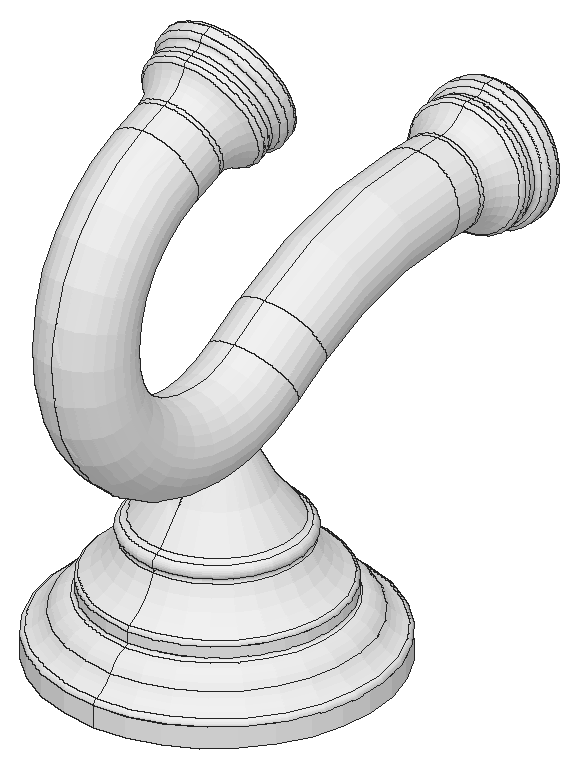
Revit family "Robe_Hook-American_Standard-Delancey-7052210_Series", category Specialty Equipment, host Face, Revit 2019
Family settings
  Host = Face
  Round Connector Dimension = Use Diameter
  Part Type = Normal
  OmniClass Number = 23.40.20.21.31
  OmniClass Title = Robe Hooks
  Cut with Voids When Loaded = No
  Shared = Yes
  Room Calculation Point = No
Parameters (values of type "7052210.002")
  Width = 2 3/16"  # constant formula
  Warranty Information = "1 Year Limited Warranty"
  URL = "http://www.americanstandard-us.com"
  Type Comments = ""
  Revised Date = "02/19/2024"  # constant formula
  Product Page URL = "https://www.americanstandard-us.com/robe-hooks/delancey-double-robe-hook/chrome-7052210002"
  Product Documentation Link = "https://lixil.cdn.celum.cloud/166526_spec_7052210_Delancey_robe_hook_original.pdf"
  Model = "7052210.002"
  Material = "Metal-American Standard-002-Polished Chrome"
  Manufacturer = "American Standard"
  Length = 4"  # constant formula
  Installation Type = "Wall Mounted"
  Installation Instruction Link = "https://lixil.cdn.celum.cloud/172945_as_us_bath_install__7052%20(5256)_original.pdf"
  Height = 4"  # constant formula
  Finish = Metal-American Standard-002-Polished Chrome
  Description = "Delancey Robe Hook"
  Default Elevation = 44"
  Creation Date = "02/13/2019"  # constant formula
  Assembly Code = "C1030220"
Types (6): name | Product Page URL | Model | Material | Finish
  (no name) | "https://www.americanstandard-us.com/robe-hooks/delancey-double-robe-hook/chrome-7052210002" | "7052210.002" | "Metal-American Standard-002-Polished Chrome" | Metal-American Standard-002-Polished Chrome
  7052210.002 | "https://www.americanstandard-us.com/robe-hooks/delancey-double-robe-hook/chrome-7052210002" | "7052210.002" | "Metal-American Standard-002-Polished Chrome" | Metal-American Standard-002-Polished Chrome
  7052210.295 | "https://www.americanstandard-us.com/robe-hooks/delancey-double-robe-hook/brushed-nickel-7052210295" | "7052210.295" | "Metal-American Standard-295-Satin Nickel" | Metal-American Standard-295-Brushed Nickel
  7052210.013 | "https://www.americanstandard-us.com/robe-hooks/delancey-double-robe-hook/polished-nickel-7052210013" | "7052210.013" | "Metal-American Standard-013-Polished Nickel" | Metal-American Standard-013-Polished Nickel
  7052210.278 | "https://www.americanstandard-us.com/robe-hooks/delancey-double-robe-hook/legacy-bronze-7052210278" | "7052210.278" | "Metal-American Standard-278-Legacy Bronze" | Metal-American Standard-278-Legacy Bronze
  7052210.GN0 | "https://www.americanstandard-us.com/robe-hooks/delancey-double-robe-hook/grohe-brushed-cool-sunrise-7052210gn0" | "7052210.GN0" | "Metal-American Standard-GN0-Brushed Cool Sunrise" | Metal-American Standard-GN0-Brushed Cool Sunrise
Reference planes (in)
  plane 1 "Center (Front/Back)": y = 0
  plane 2: z = 0
  plane 3 "Center (Left/Right)": x = 0
  plane 4: y = 1.09375
  plane 5: y = -1.09375
  plane 6: z = 4
  plane 7: y = -1.47024
  plane 8: y = 2.52976
  plane 9: x = 1.09375
  plane 10: x = -1.09375
  plane 11: z = 2.56482
  plane 12: z = 1.65318
Forms (in)
  Revolve 1, solid, material "Metal-American Standard-002-Polished Chrome" <- "Finish"
    sketch origin (0, 0, 0) x (0, 1, 0) y (0, 0, 1)
      loop
        line (0, 0) -> (1.09375, 0) -> (1.09375, 0.1358)
        arc (1.09375, 0.1358) -> (1.08671, 0.15791) -> (1.06819, 0.17188) r 0.03824
        arc (1.06819, 0.17188) -> (0.99617, 0.21321) -> (0.94373, 0.27759) r 0.22801
        arc (0.94373, 0.27759) -> (0.88747, 0.34426) -> (0.80967, 0.38369) r 0.21907
        arc (0.80967, 0.38369) -> (0.79699, 0.39225) -> (0.7921, 0.40674) r 0.02391
        line (0.7921, 0.40674) -> (0.7921, 0.47803)
        arc (0.7921, 0.47803) -> (0.78717, 0.49571) -> (0.77381, 0.50828) r 0.03417
        arc (0.77381, 0.50828) -> (0.64522, 0.6081) -> (0.55912, 0.74625) r 0.46308
        arc (0.55912, 0.74625) -> (0.55688, 0.76243) -> (0.56246, 0.77779) r 0.03395
        arc (0.56246, 0.77779) -> (0.56828, 0.82118) -> (0.53742, 0.85222) r 0.0495
        arc (0.53742, 0.85222) -> (0.51767, 0.86183) -> (0.50086, 0.87596) r 0.0896
        arc (0.50086, 0.87596) -> (0.28029, 1.18191) -> (0.14184, 1.53276) r 1.52
        arc (0.14184, 1.53276) -> (0.11226, 1.57777) -> (0.0613, 1.59522) r 0.08315
        line (0.0613, 1.59522) -> (0, 1.59522) -> (0, 0)
      axis (0, 0) -> (0, 1.59522)
    angle from 0 to 360
  Revolve 2, solid, material "Metal-American Standard-002-Polished Chrome" <- "Finish"
    sketch origin (0, 0, 0) x (0, 1, 0) y (0, 0, 1)
      loop
        arc (2.21936, 2.52498) -> (2.20083, 2.52048) -> (2.18643, 2.50798) r 0.04039
        arc (2.18643, 2.50798) -> (2.10164, 2.43438) -> (1.99253, 2.40789) r 0.23785
        line (1.99253, 2.40789) -> (1.96143, 2.40789) -> (1.96143, 2.11225) -> (2.53109, 2.11225)
        arc (2.53109, 2.11225) -> (2.51453, 2.32562) -> (2.48658, 2.5378) r 4.00062
        arc (2.48658, 2.5378) -> (2.47573, 2.55714) -> (2.45492, 2.56482) r 0.03206
        line (2.45492, 2.56482) -> (2.39073, 2.56482)
        arc (2.39073, 2.56482) -> (2.36731, 2.5578) -> (2.3516, 2.53906) r 0.04262
        arc (2.3516, 2.53906) -> (2.33124, 2.51867) -> (2.30245, 2.51776) r 0.03908
        arc (2.30245, 2.51776) -> (2.28213, 2.52316) -> (2.26118, 2.52498) r 0.12167
        line (2.26118, 2.52498) -> (2.21936, 2.52498)
      axis (2.53109, 2.11225) -> (1.96143, 2.11225)
    angle from 0 to 360
  Sweep 3, solid, material "Metal-American Standard-002-Polished Chrome" <- "Finish"
    path origin (0, 0, 0) x (0, 1, 0) y (0, 0, 1)
      loop
        line (1.96143, 2.11225) -> (1.77796, 2.11225)
        arc (1.77796, 2.11225) -> (1.15372, 2.03039) -> (0.5717, 1.79035) r 2.42105
        arc (0.5717, 1.79035) -> (0.44562, 1.71501) -> (0.32217, 1.63543) r 4.31589
        arc (0.32217, 1.63543) -> (-1.05936, 1.99047) -> (-0.55273, 3.32389) r 0.95678
        line (-0.55273, 3.32389) -> (-0.35846, 3.39847)
    profile origin (0, 1.86969, 2.11225) x (0, 0, -1) y (1, 0, 0)
      loop
        circle (0, 0) r 0.29564
  Revolve 4, solid, material "Metal-American Standard-002-Polished Chrome" <- "Finish"
    sketch origin (0, -1.43265, 0.7236) x (0, 0.93358, 0.358368) y (0, -0.358368, 0.93358)
      loop
        arc (2.21936, 2.52498) -> (2.20083, 2.52048) -> (2.18643, 2.50798) r 0.04039
        arc (2.18643, 2.50798) -> (2.10164, 2.43438) -> (1.99253, 2.40789) r 0.23785
        line (1.99253, 2.40789) -> (1.96143, 2.40789) -> (1.96143, 2.11225) -> (2.53109, 2.11225)
        arc (2.53109, 2.11225) -> (2.51453, 2.32562) -> (2.48658, 2.5378) r 4.00062
        arc (2.48658, 2.5378) -> (2.47573, 2.55714) -> (2.45492, 2.56482) r 0.03206
        line (2.45492, 2.56482) -> (2.39073, 2.56482)
        arc (2.39073, 2.56482) -> (2.36731, 2.5578) -> (2.3516, 2.53906) r 0.04262
        arc (2.3516, 2.53906) -> (2.33124, 2.51867) -> (2.30245, 2.51776) r 0.03908
        arc (2.30245, 2.51776) -> (2.28213, 2.52316) -> (2.26118, 2.52498) r 0.12167
        line (2.26118, 2.52498) -> (2.21936, 2.52498)
      axis (2.53109, 2.11225) -> (1.96143, 2.11225)
    angle from 0 to 360
Cuts and joins
  joined: Revolve 1, Revolve 2, Sweep 3, Revolve 4
Lines and regions (in)
  Masking region 1
    outline origin (0, 0, 0) x (1, 0, 0) y (0, 0, 1)
      loop
        line (1.09652, 0) -> (1.09652, 0.11745)
        arc (1.09652, 0.11745) -> (1.08554, 0.15457) -> (1.05613, 0.17973) r 0.06821
        arc (1.05613, 0.17973) -> (1.004, 0.2119) -> (0.96214, 0.25663) r 0.23133
        arc (0.96214, 0.25663) -> (0.89441, 0.32977) -> (0.81041, 0.38343) r 0.39155
        arc (0.81041, 0.38343) -> (0.79831, 0.39411) -> (0.79382, 0.40961) r 0.02895
        line (0.79382, 0.40961) -> (0.79382, 0.47119)
        arc (0.79382, 0.47119) -> (0.78742, 0.49435) -> (0.77006, 0.51094) r 0.04513
        arc (0.77006, 0.51094) -> (0.6462, 0.60832) -> (0.56267, 0.7419) r 0.45805
        arc (0.56267, 0.7419) -> (0.55977, 0.7599) -> (0.56504, 0.77735) r 0.0406
        arc (0.56504, 0.77735) -> (0.57122, 0.81384) -> (0.5523, 0.84564) r 0.05365
        arc (0.5523, 0.84564) -> (0.49727, 0.89429) -> (0.44652, 0.94737) r 0.87662
        arc (0.44652, 0.94737) -> (0.32164, 1.11466) -> (0.22498, 1.2997) r 1.30734
        arc (0.22498, 1.2997) -> (0.27838, 1.37954) -> (0.29713, 1.47375) r 0.24601
        line (0.29713, 1.47375) -> (0.29713, 1.76844)
        arc (0.29713, 1.76844) -> (0.45334, 2.11714) -> (0.29713, 2.46584) r 0.46731
        line (0.29713, 2.46584) -> (0.29713, 3.28958)
        arc (0.29713, 3.28958) -> (0, 4.04505) -> (-0.29713, 3.28958) r 0.43617
        line (-0.29713, 3.28958) -> (-0.29713, 2.46584)
        arc (-0.29713, 2.46584) -> (-0.45334, 2.11714) -> (-0.29713, 1.76844) r 0.46731
        line (-0.29713, 1.76844) -> (-0.29713, 1.47375)
        arc (-0.29713, 1.47375) -> (-0.27838, 1.37954) -> (-0.22498, 1.2997) r 0.24601
        arc (-0.22498, 1.2997) -> (-0.32164, 1.11466) -> (-0.44652, 0.94737) r 1.30734
        arc (-0.44652, 0.94737) -> (-0.49727, 0.89429) -> (-0.5523, 0.84564) r 0.87662
        arc (-0.5523, 0.84564) -> (-0.57122, 0.81384) -> (-0.56504, 0.77735) r 0.05365
        arc (-0.56504, 0.77735) -> (-0.55977, 0.7599) -> (-0.56267, 0.7419) r 0.0406
        arc (-0.56267, 0.7419) -> (-0.6462, 0.60832) -> (-0.77006, 0.51094) r 0.45805
        arc (-0.77006, 0.51094) -> (-0.78742, 0.49435) -> (-0.79382, 0.47119) r 0.04513
        line (-0.79382, 0.47119) -> (-0.79382, 0.40961)
        arc (-0.79382, 0.40961) -> (-0.79831, 0.39411) -> (-0.81041, 0.38343) r 0.02895
        arc (-0.81041, 0.38343) -> (-0.89441, 0.32977) -> (-0.96214, 0.25663) r 0.39155
        arc (-0.96214, 0.25663) -> (-1.004, 0.2119) -> (-1.05613, 0.17973) r 0.23133
        arc (-1.05613, 0.17973) -> (-1.08554, 0.15457) -> (-1.09652, 0.11745) r 0.06821
        line (-1.09652, 0.11745) -> (-1.09652, 0) -> (1.09652, 0)
  symbolic lines, detail levels medium+fine
    curve 1: arc (0.22498, 0, 1.2997) -> (0, 0, 1.18256) -> (-0.22498, 0, 1.2997) r 0.27464
    curve 2: arc (0.29713, 0, 1.76844) -> (0, 0, 1.65928) -> (-0.29713, 0, 1.76844) r 0.45895
    curve 3: arc (0.29713, 0, 2.46584) -> (0, 0, 2.56298) -> (-0.29713, 0, 2.46584) r 0.50302
    curve 4: arc (0.29713, 0, 3.28958) -> (0, 0, 3.18791) -> (-0.29713, 0, 3.28958) r 0.48503
  symbolic lines, detail levels fine
    curve 5: circle (0, 0, 2.11225) r 0.3253 normal (0, -1, 0)
    curve 6: circle (0, 0, 2.11225) r 0.39182 normal (0, -1, 0)
    curve 7: arc (0.32205, 0, 3.67414) -> (-0.00057, 0, 3.9343) -> (-0.3232, 0, 3.67414) r 0.33012
    curve 8: arc (-0.3232, 0, 3.67414) -> (-0.00057, 0, 3.35151) -> (0.32205, 0, 3.67414) r 0.32263
    curve 9: line (0.79382, 0, 0.40961) -> (-0.79382, 0, 0.40961)
    curve 10: line (0.56267, 0, 0.7419) -> (-0.56267, 0, 0.7419)
    curve 11: line (0.77006, 0, 0.51094) -> (-0.77006, 0, 0.51094)
    curve 12: line (0.5523, 0, 0.84564) -> (-0.5523, 0, 0.84564)
    curve 13: line (1.05613, 0, 0.17973) -> (-1.05613, 0, 0.17973)
Dimensions and locks (in)
  equal spacing: plane 4, plane 1 "Center (Front/Back)", plane 5
  "Width": plane 4 to plane 5
  "Length": plane 6 to level
  locked: plane 1 "Center (Front/Back)" to plane 7 at 1.47024
  "Height": plane 8 to plane 7
  "Width": plane 10 to plane 9
  equal spacing: plane 10, plane 3 "Center (Left/Right)", plane 9
  plane 7 to plane 8 = 4"
  aligned and locked: plane 2 to host face
  aligned and locked: level to host face
Automatic sketch dimensions
  curve 5 to curve 6 = 0"  (x2)
  curve 2 to plane 3 "Center (Left/Right)" = 0"
  curve 1 to plane 3 "Center (Left/Right)" = 0"
  curve 5 to plane 3 "Center (Left/Right)" = 0"
  curve 3 to plane 3 "Center (Left/Right)" = 0"
  curve 4 to plane 3 "Center (Left/Right)" = 0"
  curve 8 to plane 3 "Center (Left/Right)" = 0.00057"
  curve 1 to plane 12 = 0.19598"
  plane 12 to curve 3 = 0.40678"
  curve 3 to curve 5 = 0.05229"
  curve 5 to curve 2 = 0.00598"
  curve 7 to plane 6 = 0.39582"
  curve 7 to curve 4 = 0.06877"
  curve 4 to curve 8 = 0.00119"
  curve 1 to plane 3 "Center (Left/Right)" = 0.22498"
  curve 4 to plane 3 "Center (Left/Right)" = 0.29713"
  plane 12 to curve 2 = 0.11527"  (x2)
  curve 2 to plane 3 "Center (Left/Right)" = 0.29713"
  curve 3 to plane 11 = 0.09898"  (x2)
  curve 3 to plane 3 "Center (Left/Right)" = 0.29713"
  curve 7 to curve 8 = 0.32263"
  curve 12 to plane 10 = 0.54145"
  curve 10 to curve 12 = 0.01037"
  curve 11 to curve 10 = 0.20739"
  curve 9 to curve 11 = 0.02376"
  curve 13 to plane 10 = 0.03762"
  plane 3 "Center (Left/Right)" to curve 1 = 0.22498"
  plane 3 "Center (Left/Right)" to curve 4 = 0.29713"
  plane 9 to curve 12 = 0.54145"
  curve 12 to curve 10 = 0.01037"
  curve 10 to curve 11 = 0.20739"
  curve 11 to curve 9 = 0.02376"
  plane 9 to curve 13 = 0.03762"
  curve 1 to curve 1 = 0.1575"
  curve 12 to curve 1 = 0.45405"
  curve 10 to curve 12 = 0.10375"
  curve 11 to curve 10 = 0.23096"
  curve 9 to curve 11 = 0.10133"
  level to curve 13 = 0.17973"
  curve 4 to curve 7 = 0.38456"
  host sketch curve to host sketch curve = 96"  (x2)
  Revolve 1 sketch curve to level = 0"
  Revolve 1 sketch curve to plane 1 "Center (Front/Back)" = 0"  (x2)
  Revolve 1 sketch curve to plane 4 = 0"
  Revolve 1 sketch curve to plane 1 "Center (Front/Back)" = 0.0613"
  Revolve 1 sketch curve to plane 1 "Center (Front/Back)" = 0.52136"
  Revolve 1 sketch curve to Revolve 1 sketch curve = 0.04511"
  Revolve 1 sketch curve to Revolve 1 sketch curve = 0.06928"
  plane 4 to Revolve 1 sketch curve = 0.34222"
  Revolve 1 sketch curve to Revolve 1 sketch curve = 0.00641"
  Revolve 1 sketch curve to Revolve 1 sketch curve = 0.03417"
  Revolve 1 sketch curve to Revolve 1 sketch curve = 0.02391"
  plane 4 to Revolve 1 sketch curve = 0.1047"
  Revolve 1 sketch curve to Revolve 1 sketch curve = 0.03824"
  Revolve 1 sketch curve to plane 4 = 0.05002"
  plane 12 to Revolve 1 sketch curve = 33/128"
  Revolve 1 sketch curve to plane 4 = 0.52028"
  Revolve 1 sketch curve to Revolve 1 sketch curve = 0.1358"
  level to Revolve 1 sketch curve = 0.17248"
  Revolve 1 sketch curve to Revolve 1 sketch curve = 0.25119"
  Revolve 1 sketch curve to Revolve 1 sketch curve = 0.23427"
  Revolve 1 sketch curve to Revolve 1 sketch curve = 0.07129"
  Revolve 1 sketch curve to Revolve 1 sketch curve = 0.28083"
  Revolve 1 sketch curve to Revolve 1 sketch curve = 0.04653"
  Revolve 1 sketch curve to Revolve 1 sketch curve = 0.15944"
  Revolve 1 sketch curve to Revolve 1 sketch curve = 0.13158"
  Revolve 1 sketch curve to plane 12 = 0.14111"
  Revolve 1 sketch curve to plane 12 = 0.05796"
  Revolve 1 sketch curve to Revolve 1 sketch curve = 0"  (x6)
  Revolve 1 sketch curve to Revolve 1 sketch curve = 0.00334"
  Revolve 1 sketch curve to Revolve 1 sketch curve = 0.00272"
  Revolve 1 sketch curve to Revolve 1 sketch curve = 0.04176"
  Revolve 2 sketch curve to plane 11 = 0"
  plane 7 to Revolve 2 sketch curve = 0.00587"
  plane 8 to Revolve 2 sketch curve = 0.56833"
  plane 11 to Revolve 2 sketch curve = 0.08092"
  Revolve 2 sketch curve to Revolve 2 sketch curve = 0.03111"
  Revolve 2 sketch curve to plane 11 = 0.08023"
  Revolve 2 sketch curve to Revolve 2 sketch curve = 0.22683"
  Revolve 2 sketch curve to Revolve 2 sketch curve = 0.04182"
  Revolve 2 sketch curve to plane 11 = 0.01029"
  Revolve 2 sketch curve to Revolve 2 sketch curve = 0.05452"
  Revolve 2 sketch curve to Revolve 2 sketch curve = 0.07503"
  Revolve 2 sketch curve to Revolve 2 sketch curve = 0.06419"
  Revolve 2 sketch curve to plane 8 = 0.00134"
  Revolve 2 sketch curve to plane 11 = 0.15693"
  Revolve 2 sketch curve to Revolve 2 sketch curve = 0.08128"
  Revolve 2 sketch curve to Revolve 2 sketch curve = 0.29564"
  plane 12 to Revolve 2 sketch curve = 0.25622"
  Revolve 2 sketch curve to plane 11 = 0.04262"
  Revolve 2 sketch curve to plane 11 = 0.03984"
  Revolve 2 sketch curve to Revolve 2 sketch curve = 0.03206"
  plane 8 to Revolve 2 sketch curve = 0.22915"
  Revolve 2 sketch curve to Revolve 2 sketch curve = 0"  (x2)
  plane 8 to Revolve 2 sketch curve = 0.09422"
  Sweep 3 sketch curve to plane 3 "Center (Left/Right)" = 0"
  Sweep 3 sketch curve to profile plane = 0"
  Masking region 1 sketch curve to level = 0"
  Masking region 1 sketch curve to plane 3 "Center (Left/Right)" = 0"
  Masking region 1 sketch curve to plane 3 "Center (Left/Right)" = 0.01397"
  Masking region 1 sketch curve to plane 3 "Center (Left/Right)" = 0.05112"
  plane 12 to Masking region 1 sketch curve = 0.11527"  (x2)
  Masking region 1 sketch curve to plane 3 "Center (Left/Right)" = 0.29713"  (x2)
  Masking region 1 sketch curve to plane 3 "Center (Left/Right)" = 0.51847"
  Masking region 1 sketch curve to Masking region 1 sketch curve = 0.08181"  (x2)
  level to Masking region 1 sketch curve = 0.02931"  (x2)
  Masking region 1 sketch curve to plane 10 = 0.45042"
  Masking region 1 sketch curve to Masking region 1 sketch curve = 0.1484"  (x2)
  Masking region 1 sketch curve to Masking region 1 sketch curve = 0.04513"  (x2)
  Masking region 1 sketch curve to Masking region 1 sketch curve = 0.02895"  (x2)
  Masking region 1 sketch curve to plane 10 = 0.10673"
  Masking region 1 sketch curve to plane 10 = 0.06543"
  plane 10 to Masking region 1 sketch curve = 0.00277"
  plane 10 to Masking region 1 sketch curve = 0.01114"
  plane 10 to Masking region 1 sketch curve = 0.05674"
  plane 12 to Masking region 1 sketch curve = 0.15736"  (x2)
  plane 10 to Masking region 1 sketch curve = 0.33463"
  plane 3 "Center (Left/Right)" to Masking region 1 sketch curve = 0.01397"
  plane 3 "Center (Left/Right)" to Masking region 1 sketch curve = 0.05112"
  plane 3 "Center (Left/Right)" to Masking region 1 sketch curve = 0.29713"  (x2)
  Masking region 1 sketch curve to plane 11 = 0.09898"
  plane 3 "Center (Left/Right)" to Masking region 1 sketch curve = 0.51847"
  plane 9 to Masking region 1 sketch curve = 0.45042"
  plane 9 to Masking region 1 sketch curve = 0.10673"
  plane 9 to Masking region 1 sketch curve = 0.06543"
  Masking region 1 sketch curve to plane 9 = 0.00277"
  Masking region 1 sketch curve to plane 9 = 0.01114"
  Masking region 1 sketch curve to plane 9 = 0.05674"
  Masking region 1 sketch curve to plane 9 = 0.33463"
  level to Masking region 1 sketch curve = 0.11745"
  Masking region 1 sketch curve to Masking region 1 sketch curve = 0.11745"
  Masking region 1 sketch curve to Masking region 1 sketch curve = 0.27348"  (x2)
  Masking region 1 sketch curve to Masking region 1 sketch curve = 0.22988"  (x2)
  Masking region 1 sketch curve to Masking region 1 sketch curve = 0.06158"  (x2)
  Masking region 1 sketch curve to Masking region 1 sketch curve = 0.28599"  (x2)
  Masking region 1 sketch curve to Masking region 1 sketch curve = 0.04681"  (x2)
  Masking region 1 sketch curve to Masking region 1 sketch curve = 0.15717"  (x2)
  Masking region 1 sketch curve to plane 12 = 0.17943"  (x2)
  Masking region 1 sketch curve to plane 12 = 0.12702"  (x2)
  Masking region 1 sketch curve to Masking region 1 sketch curve = 0"  (x11)
  Masking region 1 sketch curve to plane 6 = 0.71042"
  Masking region 1 sketch curve to plane 6 = 0.39112"
  Masking region 1 sketch curve to Masking region 1 sketch curve = 0.07215"  (x2)
  Masking region 1 sketch curve to Masking region 1 sketch curve = 0.00237"  (x2)
  Revolve 4 sketch curve to plane 6 = 2.01861"
  Revolve 4 sketch curve to plane 7 = 2.01379"
  plane 1 "Center (Front/Back)" to Revolve 4 sketch curve = 0.35846"
  Revolve 4 sketch curve to plane 6 = 0.09233"
  Revolve 4 sketch curve to Revolve 4 sketch curve = 0.03111"
  plane 6 to Revolve 4 sketch curve = 0.16149"
  plane 1 "Center (Front/Back)" to Revolve 4 sketch curve = 0.25109"
  Revolve 4 sketch curve to Revolve 4 sketch curve = 0.04182"
  Revolve 4 sketch curve to plane 6 = 0.06166"
  Revolve 4 sketch curve to Revolve 4 sketch curve = 0.05452"
  plane 1 "Center (Front/Back)" to Revolve 4 sketch curve = 0.10458"
  Revolve 4 sketch curve to plane 1 "Center (Front/Back)" = 0.05993"
  Revolve 4 sketch curve to plane 1 "Center (Front/Back)" = 0.17337"
  Revolve 4 sketch curve to plane 6 = 0.60153"
  Revolve 4 sketch curve to Revolve 4 sketch curve = 0.08128"
  Revolve 4 sketch curve to plane 6 = 0.31438"
  plane 6 to Revolve 4 sketch curve = 0.06496"
  plane 6 to Revolve 4 sketch curve = 0.1088"
  Revolve 4 sketch curve to plane 6 = 0.0321"
  Revolve 4 sketch curve to plane 6 = 0.02517"
  plane 1 "Center (Front/Back)" to Revolve 4 sketch curve = 0.04181"
  Revolve 4 sketch curve to Revolve 4 sketch curve = 0"  (x2)
  Revolve 4 sketch curve to plane 1 "Center (Front/Back)" = 0.08416"
  plane 5 to Sweep 3 sketch curve = 0.54102"
  plane 1 "Center (Front/Back)" to Sweep 3 sketch curve = 0.20985"
  Sweep 3 sketch curve to plane 11 = 0.45257"
  Sweep 3 sketch curve to plane 4 = 0.68421"
  Sweep 3 sketch curve to plane 8 = 0.19228"
  Sweep 3 sketch curve to level = 0.3088"
  Sweep 3 sketch curve to Sweep 3 sketch curve = 1.64291"
  Sweep 3 sketch curve to plane 11 = 0.13416"
  Sweep 3 sketch curve to plane 6 = 0.67611"
  Sweep 3 sketch curve to Sweep 3 sketch curve = 0"
  Sweep 3 sketch curve to Sweep 3 sketch curve = 0.18347"
  Sweep 3 sketch curve to Sweep 3 sketch curve = 0.19427"
  Sweep 3 sketch curve to Sweep 3 sketch curve = 0.07457"
  radius of curve 5 = 0.3253"
  radius of curve 6 = 0.39182"
  radius of Sweep 3 sketch curve = 0.29564"
